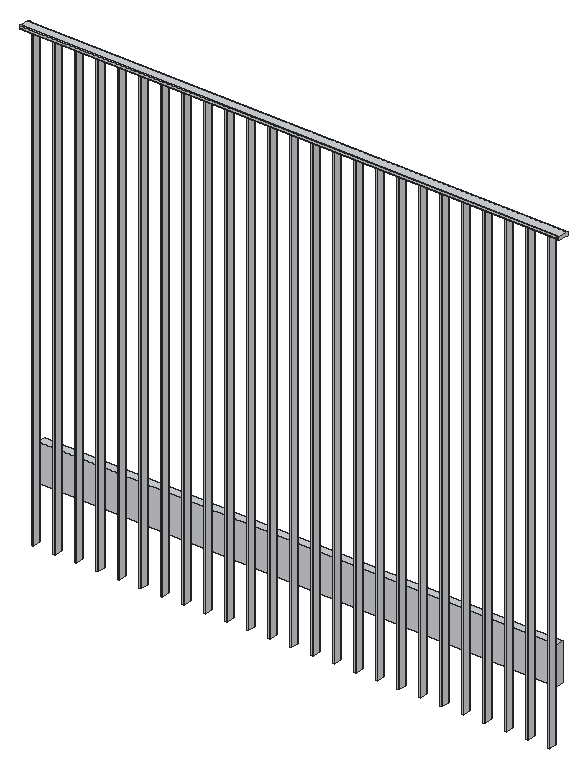
Revit family "POSTLESS", category Generic Models, Revit 2020
Family settings
  Can host rebar = No
  Round Connector Dimension = Use Diameter
  Part Type = Normal
  Work Plane-Based = No
  Always vertical = Yes
  Cut with Voids When Loaded = No
  Shared = No
  Room Calculation Point = No
Parameters
  URL = "WWW.UNEX.CO.NZ"
  Top Rail Off Set = 50 mm
  Model = "POSTLESS FINELINE"
  Manufacturer = "UNEX SYTEMS"
  Length = 2500 mm
  Total Height = (Above fin height) + (Below Fin Height) + (180 mm)  # 2214 mm
  Keynote = "UENEX SYSTEMS  POSTLESS FINLINE"
  Ground Height = 1800 mm
  Max Fin Space = Length / 100 mm  # 25
  Description = "UENEX SYSTEMS  POSTLESS FINLINE SIDE FIXED"
  Default Elevation = 0 mm
  Below Fin Height = 250 mm
  Actual Fin QTY = (Length - 12 mm * Max Fin Space) / (90 mm) + 1  # 25
  Above fin height = Ground Height - 16 mm  # 1784 mm
Reference planes
  plane 1 "Center (Front/Back)": y = -10
  plane 2: z = 0
  plane 3 "Center (Left/Right)": x = 0
  plane 4: z = 180
  plane 5: x = 2500
  plane 6: z = 1964
  plane 7 "Bottom of fins": z = -250
  plane 8: y = -50
  plane 9: y = -90
  plane 10: x = 2550
  plane 11: x = -50
  plane 12 "Height": z = 1980
Forms (mm)
  Extrusion 1, solid
    sketch origin (0, 0, 0) x (0, 1, 0) y (0, 0, 1)
      loop
        line (-10, 0) -> (-10, 180) -> (-50, 180) -> (-50, 0) -> (-10, 0)
    from 0 to 2500
Dimensions and locks
  "Length": plane 5 to plane 3 "Center (Left/Right)"
  locked: plane 4 to level at 180
  "Top Rail Off Set": plane 11 to plane 3 "Center (Left/Right)"
  "Top Rail Off Set": plane 10 to plane 5
  locked: nested 1 to plane 9 at 5
  Extrusion 1 to Extrusion 1 = 40 mm
  locked: Extrusion 1 to Extrusion 1 at 40
  locked: plane 12 "Height" to plane 6 at 16
  "Ground Height": plane 12 "Height" to plane 4
  "Below Fin Height": level to plane 7 "Bottom of fins"
  plane 6 to plane 4 = 1784 mm
  equal spacing: group 1, group 3, group 4, group 5, group 6, group 7, group 8, group 9, group 10, group 11, group 12, group 13, group 14, group 15, group 16, group 17, group 18, group 19, group 20, group 21, group 22, group 23, group 24, group 25, group 2  (x3)
  aligned and locked: level to plane 2
  aligned and locked: plane 5 to Extrusion 1
  aligned and locked: Extrusion 1 to plane 3 "Center (Left/Right)"
  aligned and locked: Extrusion 1 to plane 4
  aligned and locked: Extrusion 1 to level
  aligned and locked: nested 1 to plane 11
  aligned and locked: nested 1 to plane 10
  aligned and locked: plane 8 to Extrusion 1
  aligned and locked: plane 1 "Center (Front/Back)" to Extrusion 1
  aligned and locked: nested 1 to plane 6
  aligned and locked: nested 2 to plane 7 "Bottom of fins"
  aligned and locked: plane 5 to nested 3
  aligned and locked: plane 7 "Bottom of fins" to nested 3
Automatic sketch dimensions
  level to Extrusion 1 sketch curve = 0 mm
  Extrusion 1 sketch curve to plane 8 = 0 mm
  plane 1 "Center (Front/Back)" to Extrusion 1 sketch curve = 0 mm
  plane 7 "Bottom of fins" to Extrusion 1 sketch curve = 430 mm
Nested families
  nested 1: "CRT Top Rail" at (-50, -43.03, 1947.821), type "CRT Top Rail"
    with Length 2600 mm
  nested 2: "CTS FIN" at (0, -90, -250), type "CTS FIN"
    with Height 2214 mm
  nested 3: "CTS FIN" at (2488, -90, -250), type "CTS FIN"
    with Height 2214 mm
  nested 4: "CTS FIN" at (103.667, -90, -250), type "CTS FIN"
    with Height 2214 mm
  nested 5: "CTS FIN" at (207.333, -90, -250), type "CTS FIN"
    with Height 2214 mm
  nested 6: "CTS FIN" at (311, -90, -250), type "CTS FIN"
    with Height 2214 mm
  nested 7: "CTS FIN" at (414.667, -90, -250), type "CTS FIN"
    with Height 2214 mm
  nested 8: "CTS FIN" at (518.333, -90, -250), type "CTS FIN"
    with Height 2214 mm
  nested 9: "CTS FIN" at (622, -90, -250), type "CTS FIN"
    with Height 2214 mm
  nested 10: "CTS FIN" at (725.667, -90, -250), type "CTS FIN"
    with Height 2214 mm
  nested 11: "CTS FIN" at (829.333, -90, -250), type "CTS FIN"
    with Height 2214 mm
  nested 12: "CTS FIN" at (933, -90, -250), type "CTS FIN"
    with Height 2214 mm
  nested 13: "CTS FIN" at (1036.667, -90, -250), type "CTS FIN"
    with Height 2214 mm
  nested 14: "CTS FIN" at (1140.333, -90, -250), type "CTS FIN"
    with Height 2214 mm
  nested 15: "CTS FIN" at (1244, -90, -250), type "CTS FIN"
    with Height 2214 mm
  nested 16: "CTS FIN" at (1347.667, -90, -250), type "CTS FIN"
    with Height 2214 mm
  nested 17: "CTS FIN" at (1451.333, -90, -250), type "CTS FIN"
    with Height 2214 mm
  nested 18: "CTS FIN" at (1555, -90, -250), type "CTS FIN"
    with Height 2214 mm
  nested 19: "CTS FIN" at (1658.667, -90, -250), type "CTS FIN"
    with Height 2214 mm
  nested 20: "CTS FIN" at (1762.333, -90, -250), type "CTS FIN"
    with Height 2214 mm
  nested 21: "CTS FIN" at (1866, -90, -250), type "CTS FIN"
    with Height 2214 mm
  nested 22: "CTS FIN" at (1969.667, -90, -250), type "CTS FIN"
    with Height 2214 mm
  nested 23: "CTS FIN" at (2073.333, -90, -250), type "CTS FIN"
    with Height 2214 mm
  nested 24: "CTS FIN" at (2177, -90, -250), type "CTS FIN"
    with Height 2214 mm
  nested 25: "CTS FIN" at (2280.667, -90, -250), type "CTS FIN"
    with Height 2214 mm
  nested 26: "CTS FIN" at (2384.333, -90, -250), type "CTS FIN"
    with Height 2214 mm
Definition of nested family "CRT Top Rail"
  Parameters
    Length [instance] = 525.455 mm
    Default Elevation = 0 mm
  Reference planes
    plane 1 "Center (Front/Back)": y = 0
    plane 2: z = 0
    plane 3 "Center (Left/Right)": x = 0
    plane 4: x = 525.455
  Forms (mm)
    Extrusion 1, solid
      sketch origin (0, 0, 0) x (0, 1, 0) y (0, 0, 1)
        loop
          arc (-49.94, 32.325) -> (-51.375, 31.731) -> (-51.97, 30.295) r 2.03
          line (-51.97, 30.295) -> (-51.97, 17.962)
          arc (-51.97, 17.962) -> (-51.673, 16.726) -> (-50.526, 16.179) r 1.476
          line (-50.526, 16.179) -> (-3.976, 16.179)
          arc (-3.976, 16.179) -> (-2.475, 16.801) -> (-1.853, 18.302) r 2.123
          line (-1.853, 18.302) -> (-1.853, 30.295)
          arc (-1.853, 30.295) -> (-2.448, 31.731) -> (-3.883, 32.325) r 2.03
          line (-3.883, 32.325) -> (-49.94, 32.325)
      from 0 to 525.455
  Lines and regions (mm)
    model lines
      curve 1: line (0, -49.94, 32.325) -> (0, -3.883, 32.325)
      curve 2: line (0, -1.853, 30.295) -> (0, -1.853, 18.302)
      curve 3: line (0, -51.97, 17.962) -> (0, -51.97, 30.295)
      curve 4: arc (0, -3.883, 32.325) -> (0, -2.448, 31.731) -> (0, -1.853, 30.295) r 2.03
      curve 5: arc (0, -51.97, 30.295) -> (0, -51.375, 31.731) -> (0, -49.94, 32.325) r 2.03
      curve 6: line (0, -3.976, 16.179) -> (0, -50.526, 16.179)
      curve 7: arc (0, -1.853, 18.302) -> (0, -2.475, 16.801) -> (0, -3.976, 16.179) r 2.123
      curve 8: arc (0, -51.97, 17.962) -> (0, -51.673, 16.726) -> (0, -50.526, 16.179) r 1.476
  Dimensions and locks
    curve 6 to curve 1 = 16.146 mm
    curve 2 to curve 3 = 50.117 mm
    "Length": plane 4 to plane 3 "Center (Left/Right)"
    aligned and locked: level to plane 2
    aligned and locked: Extrusion 1 to plane 3 "Center (Left/Right)"
    aligned and locked: plane 4 to Extrusion 1
  Automatic sketch dimensions
    level to curve 3 = 30.295 mm
    plane 1 "Center (Front/Back)" to curve 3 = 51.97 mm
    curve 3 to curve 6 = 1.444 mm
    curve 3 to curve 1 = 2.03 mm
    curve 7 to curve 2 = 2.123 mm
    curve 1 to curve 2 = 2.03 mm
    curve 6 to curve 8 = 1.476 mm
    level to Extrusion 1 sketch curve = 17.962 mm
    plane 1 "Center (Front/Back)" to Extrusion 1 sketch curve = 51.97 mm
    Extrusion 1 sketch curve to Extrusion 1 sketch curve = 1.444 mm
    Extrusion 1 sketch curve to Extrusion 1 sketch curve = 2.03 mm
    plane 1 "Center (Front/Back)" to Extrusion 1 sketch curve = 3.976 mm
    plane 1 "Center (Front/Back)" to Extrusion 1 sketch curve = 3.883 mm
    plane 1 "Center (Front/Back)" to Extrusion 1 sketch curve = 1.853 mm
    Extrusion 1 sketch curve to Extrusion 1 sketch curve = 0.307 mm
    Extrusion 1 sketch curve to Extrusion 1 sketch curve = 12.333 mm
Definition of nested family "CTS FIN"
  Parameters
    Height = 1100 mm
    Default Elevation = 0 mm
  Reference planes
    plane 1 "Center (Front/Back)": y = 0
    plane 2: z = 0
    plane 3 "Center (Left/Right)": x = 0
    plane 4: x = 12
    plane 5: y = 40
    plane 6: z = 1100
  Forms (mm)
    Extrusion 1, solid
      sketch origin (0, 0, 0) x (1, 0, 0) y (0, 1, 0)
        loop
          arc (2, 40) -> (0.586, 39.414) -> (0, 38) r 2
          line (0, 38) -> (0, 2)
          arc (0, 2) -> (0.586, 0.586) -> (2, 0) r 2
          line (2, 0) -> (10, 0)
          arc (10, 0) -> (11.414, 0.586) -> (12, 2) r 2
          line (12, 2) -> (12, 38)
          arc (12, 38) -> (11.414, 39.414) -> (10, 40) r 2
          line (10, 40) -> (2, 40)
      from 0 to 1100
  Dimensions and locks
    plane 3 "Center (Left/Right)" to plane 4 = 12 mm
    locked: plane 1 "Center (Front/Back)" to plane 5 at 40
    locked: plane 3 "Center (Left/Right)" to plane 4 at 12
    "Height": plane 6 to level
    aligned and locked: level to plane 2
    aligned and locked: plane 6 to Extrusion 1
  Automatic sketch dimensions
    Extrusion 1 sketch curve to plane 3 "Center (Left/Right)" = 0 mm
    plane 1 "Center (Front/Back)" to Extrusion 1 sketch curve = 0 mm
    Extrusion 1 sketch curve to plane 5 = 0 mm
    Extrusion 1 sketch curve to plane 4 = 0 mm
    plane 3 "Center (Left/Right)" to Extrusion 1 sketch curve = 2 mm  (x2)
    Extrusion 1 sketch curve to plane 4 = 2 mm
    Extrusion 1 sketch curve to Extrusion 1 sketch curve = 2 mm
